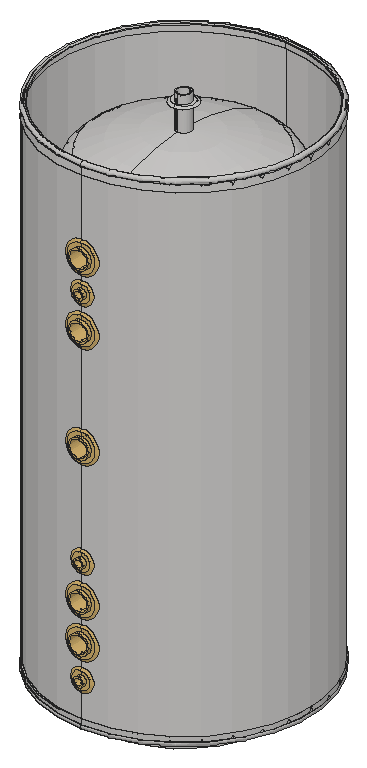
Revit family "HVAC_Boilers_Enertech_CTC-Accumulator-Tank_2-500", category Specialty Equipment, Revit 2018
Family settings
  Round Connector Dimension = Use Diameter
  Part Type = Normal
  OmniClass Number = 23.75.00.00
  OmniClass Title = Climate Control (HVAC)
  Work Plane-Based = No
  Always vertical = No
  Cut with Voids When Loaded = No
  Shared = No
  Room Calculation Point = No
Parameters (values of type "CTC Ackumulatortank 2 500")
  Weight = "118 kg"
  WaterVolumeWaterSuply = "N/A"
  WaterVolumeHeathingSystem = "503 l"
  WarrantyStartDate [instance] = "n/a"
  WarrantyGuarantorParts = "n/a"
  WarrantyGuarantorLabor = "n/a"
  WarrantyDurationUnit = "Year"
  WarrantyDurationParts = "n/a"
  WarrantyDurationLabor = "n/a"
  WarrantyDescription = "n/a"
  VersionDate = "24/08/2021"  # constant formula
  Version = "1"  # constant formula
  UsageCurrent = 0 A
  Uniclass2015Reference = "Pr_40_70_65"
  Uniclass2015Description = "Preparation catering equipment"
  Uniclass2 = "Pr_40_70_65"
  URL = "https://ctc-heating.com/products/accumulator-tanks"
  UNSPSCCode = "24111810"
  Type Comments = ""
  Touchscreen = "no"
  TagNumber [instance] = "n/a"
  SustainabilityPerformance = "n/a"
  Status = "n/a"
  Standby heat loss, Storage tank = "104 W"
  SpecifiedOutput = "N/A"
  SoundPowerLWA = "N/A"
  Sound pressureLPA 5m = "N/A"
  Sound pressureLPA 1m = "N/A"
  Sound pressureLPA 10m = "N/A"
  Size = "Ø840x1780 mm"
  Shape = "Round"
  SerialNumber [instance] = "7241 xxxx xxxx"
  SEERWarm = "N/A"
  SEERModerate = "N/A"
  SEERCold = "N/A"
  SCOPWarm = "N/A"
  SCOPModerate = "N/A"
  SCOPCold = "N/A"
  Revision = "n/a"  # constant formula
  ReplacementCost = "n/a"
  RefrigerantType = "N/A"
  RefrigerantQuantity = "N/A"
  ReferenceAirFlowRate = "N/A"
  Reference = "n/a"
  RatedVoltage = 0 V
  RatedHeatOutputModerate = "N/A"
  RatedCurrent = 0 A
  PumpMainMaterial = Stainless Steel
  ProductInformation = "CTC Hot water storage tanks is a series of  coil/storage tanks suitable for DHW-preparation and hot water storage, availiable in two models and five sizes. CTC Hot Water Storage Tank 1:  coil tanks for efficient DHW heating. CTC Hot Water Storage Tank 2: volume tanks for hot water storage."
  Product data url = ""
  PowerFactor = 0 W
  PhaseReference = "n/a"
  PhaseAngle = 0.00°
  OutputRangeIimmersionHeater = "N/A"
  OutputRange = "N/A"
  NumberOfPoles = 1
  NominalWidth = 840 mm
  NominalVoltage = 0 V
  NominalHeight = 1780 mm
  NominalFrequencyRange = 0 Hz
  NominalDepth = 840 mm
  NominalCurrent = 0 A
  Name = "CTC-Accumulator-Tank_2-500"  # constant formula
  NBSReference = "90-40-40/320"
  NBSDescription = "Air to water heat pumps"
  ModelReference = "n/a"
  ModelNumber = "589903001"
  MinimumCeilingHeight = "1890 mm"
  MaxStartingCurrent = "N/A"
  MaxOperatingTemperature = "100 °C"
  MaxOperatingPressureThermalStore = "6 bar"
  MaxOperatingPressureHotWater = "N/A"
  MaxAirFlowRate = "N/A"
  Material = "Steel"
  ManufacturerURL = "https://ctc.se/"
  ManufacturerName = "Enertech AB"
  Model = "CTC Ackumulatortank 2 500"
  ManufacturerCountry = "Sweden"
  Manufacturer = "Enertech AB"
  InsulationStandardClass = "n/a"
  InstallationDate [instance] = "n/a"
  InPutPower = "N/A"
  IfcExportType = "HEATER"  # constant formula
  IfcExportAs = "IfcElectricalDeviceCommon"  # constant formula
  IP_Code = "N/A"
  HotTapWaterPerformance = "N/A"
  HasProtectiveEarth = yes
  GroupFuse = "N/A"
  Grade = "n/a"
  Finish = "n/a"
  Features = "n/a"
  ExpectedLife = "n/a"
  EnergyClassHeatingWithoutControl = "N/A"
  EnergyClassHeatingWithControl = "N/A"
  ElectricalDeviceNominalPower = 0 W
  EANNumber = "7333077097622"
  DurationUnit = "Year"
  Description = "CTC Hot water storage tanks is a series of  coil/storage tanks suitable for DHW-preparation and hot water storage, availiable in two models and five sizes. CTC Hot Water Storage Tank 1:  coil tanks for efficient DHW heating. CTC Hot Water Storage Tank 2: volume tanks for hot water storage."
  Cost = 0
  Constituents = "n/a"
  ConductorFunction = "n/a"
  Color = "Grey"
  CodePerformance = "n/a"
  Capacity = "N/A"
  COP = "N/A"
  CO2Equivalent = "N/A"
  BrineSystem_Min_MaxPressure = "N/A"
  Barcode [instance] = "n/a"
  AssetIdentifier [instance] = "n/a"
  Category = "Storage tank, hot water"
  Brand = "CTC"
  BIMObjectName = "HVAC_Boilers_Enertech_CTC-Accumulator-Tank_2-500"  # constant formula
  Author = "BIMStone"  # constant formula
  AssetType = "Fixed"
  Artikel nr. = ""
  AirFlow = "N/A"
  Accessories = ""
  AccessibilityPerformance = "n/a"
Reference planes
  plane 1 "Center (Front/Back)": y = 0
  plane 2: z = 0
  plane 3 "Center (Left/Right)": x = 0
  plane 4: z = 1780
  plane 5: y = 420
  plane 6: y = -420
  plane 7: x = -420
  plane 8: x = 420
Dimensions and locks
  "NominalHeight": plane 4 to level
  equal spacing: plane 5, plane 1 "Center (Front/Back)", plane 6
  "NominalDepth": plane 5 to plane 6
  equal spacing: plane 7, plane 3 "Center (Left/Right)", plane 8
  "NominalWidth": plane 7 to plane 8
  aligned and locked: level to plane 2
Nested families
  nested 1: "Accumulator-Tank_2-500" at (0, 0, 0), Body <- "PumpMainMaterial", type "Accumulator-Tank_2-500"
    with Pipes Brass, Body Stainless Steel
Definition of nested family "Accumulator-Tank_2-500"
  Parameters (values of type "Accumulator-Tank_2-500")
    Pipes [instance] = none
    Body [instance] = none
  Reference planes
    plane 1 "Center (Front/Back)": y = 0
    plane 2: z = 0
    plane 3 "Center (Left/Right)": x = 0
    plane 4: x = -423.349
    plane 5: y = 423.349
    plane 6: y = -423.349
    plane 7: x = 423.349
  Forms (mm)
    Revolve 1, solid, material <- "Body", detail levels medium+fine
      sketch origin (0, 0, 0) x (0, 1, 0) y (0, 0, 1)
        loop
          line (423.349, 1710.261) -> (421.502, 1733.869)
          arc (421.502, 1733.869) -> (421.592, 1734.638) -> (421.968, 1735.314) r 1.996
          arc (421.968, 1735.314) -> (422.358, 1744.96) -> (413.103, 1747.707) r 7.859
          arc (413.103, 1747.707) -> (410.997, 1746.218) -> (409.827, 1743.918) r 5.371
          line (409.827, 1743.918) -> (415.045, 1743.918) -> (415.045, 1742.918) -> (409.045, 1742.918) -> (408.956, 1741.918) -> (416.456, 1741.918) -> (416.456, 1717.918) -> (417.75, 1717.918) -> (419, 1733.896) -> (420, 1733.896) -> (421.849, 1710.261) -> (423.349, 1710.261)
        loop
          line (416.456, 75.873) -> (408.956, 75.873) -> (409.045, 74.873) -> (415.045, 74.873) -> (415.045, 73.873) -> (409.827, 73.873)
          arc (409.827, 73.873) -> (410.997, 71.574) -> (413.103, 70.084) r 5.371
          arc (413.103, 70.084) -> (422.358, 72.832) -> (421.968, 82.478) r 7.859
          arc (421.968, 82.478) -> (421.592, 83.154) -> (421.502, 83.922) r 1.996
          line (421.502, 83.922) -> (422.75, 99.873) -> (421.25, 99.873) -> (420, 83.896) -> (419, 83.896) -> (417.75, 99.873) -> (416.456, 99.873) -> (416.456, 75.873)
        axis (0, 1747.707) -> (0, 70.084)
      angle from 0 to 360
    Revolve 2, solid, material <- "Body", detail levels medium+fine
      sketch origin (0, 0, 0) x (0, 1, 0) y (0, 0, 1)
        loop
          line (419.3, 83.896) -> (420.1, 83.896) -> (420.1, 1733.896) -> (419.3, 1733.896) -> (419.3, 83.896)
        axis (0, 83.896) -> (0, 1733.896)
      angle from 0 to 360
    Revolve 3, solid, material <- "Body", detail levels medium+fine
      sketch origin (0, 0, 0) x (0, 1, 0) y (0, 0, 1)
        loop
          line (-325, 1536.143) -> (-325, 154.143)
          arc (-325, 154.143) -> (-314.893, 118.46) -> (-287.575, 93.379) r 68.041
          arc (-287.575, 93.379) -> (-147.788, 42.844) -> (0, 26.937) r 621.684
          line (0, 26.937) -> (0, 29.937)
          arc (0, 29.937) -> (-147.094, 45.763) -> (-286.225, 96.058) r 618.684
          arc (-286.225, 96.058) -> (-312.339, 120.034) -> (-322, 154.143) r 65.041
          line (-322, 154.143) -> (-322, 1536.143)
          arc (-322, 1536.143) -> (-312.339, 1570.252) -> (-286.225, 1594.228) r 65.041
          arc (-286.225, 1594.228) -> (-156.576, 1642.253) -> (-19.5, 1660.288) r 618.684
          line (-19.5, 1660.288) -> (-19.5, 1773.618) -> (-23.5, 1773.618) -> (-23.5, 1747.618) -> (-35, 1747.618) -> (-43, 1743.618) -> (-23.5, 1743.618) -> (-23.5, 1663.201)
          arc (-23.5, 1663.201) -> (-159.211, 1644.688) -> (-287.575, 1596.907) r 621.684
          arc (-287.575, 1596.907) -> (-314.893, 1571.825) -> (-325, 1536.143) r 68.041
        axis (0, 26.937) -> (0, 1773.618)
      angle from 0 to 360
    Revolve 4, solid, material <- "Body", detail levels medium+fine
      sketch origin (0, 0, 0) x (0, 1, 0) y (0, 0, 1)
        loop
          line (-307, 105) -> (-307, 0) -> (-304, 0) -> (-304, 105) -> (-307, 105)
        axis (0, 0) -> (0, 105)
      angle from 0 to 360
    Extrusion 5, void
      sketch origin (0, 0, 0) x (1, 0, 0) y (0, 0, 1)
        loop
          circle (0, 1465.146) r 29
        loop
          circle (0, 1360.146) r 13
        loop
          circle (0, 1250.143) r 29
        loop
          circle (0, 905.146) r 29
        loop
          circle (0, 450.146) r 29
        loop
          circle (0, 325.146) r 29
        loop
          circle (0, 565.146) r 13
        loop
          circle (0, 215.146) r 13
      from 320 to 456.742
    Revolve 6, solid, material <- "Pipes", detail levels medium+fine
      sketch origin (0, 0, 0) x (0, 1, 0) y (0, 0, 1)
        loop
          line (-320, 357.643) -> (-420, 357.643) -> (-420, 379.146) -> (-424, 371.146) -> (-424, 357.643) -> (-435, 357.643) -> (-435, 353.143) -> (-320, 353.143) -> (-320, 357.643)
        axis (-320, 325.143) -> (-435, 325.143)
      angle from 0 to 360
    Revolve 7, solid, material <- "Pipes", detail levels medium+fine
      sketch origin (0, 0, 125) x (0, 1, 0) y (0, 0, 1)
        loop
          line (-320, 357.643) -> (-420, 357.643) -> (-420, 379.146) -> (-424, 371.146) -> (-424, 357.643) -> (-435, 357.643) -> (-435, 353.143) -> (-320, 353.143) -> (-320, 357.643)
        axis (-320, 325.143) -> (-435, 325.143)
      angle from 0 to 360
    Revolve 8, solid, material <- "Pipes", detail levels medium+fine
      sketch origin (0, 0, 580) x (0, 1, 0) y (0, 0, 1)
        loop
          line (-320, 357.643) -> (-420, 357.643) -> (-420, 379.146) -> (-424, 371.146) -> (-424, 357.643) -> (-435, 357.643) -> (-435, 353.143) -> (-320, 353.143) -> (-320, 357.643)
        axis (-320, 325.143) -> (-435, 325.143)
      angle from 0 to 360
    Revolve 9, solid, material <- "Pipes", detail levels medium+fine
      sketch origin (0, 0, 925) x (0, 1, 0) y (0, 0, 1)
        loop
          line (-320, 357.643) -> (-420, 357.643) -> (-420, 379.146) -> (-424, 371.146) -> (-424, 357.643) -> (-435, 357.643) -> (-435, 353.143) -> (-320, 353.143) -> (-320, 357.643)
        axis (-320, 325.143) -> (-435, 325.143)
      angle from 0 to 360
    Revolve 10, solid, material <- "Pipes", detail levels medium+fine
      sketch origin (0, 0, 1035) x (0, 1, 0) y (0, 0, 1)
        loop
          line (-320, 341.142) -> (-420, 341.142) -> (-420, 362.645) -> (-424, 354.645) -> (-424, 341.142) -> (-435, 341.142) -> (-435, 336.642) -> (-320, 336.642) -> (-320, 341.142)
        axis (-320, 325.143) -> (-435, 325.143)
      angle from 0 to 360
    Revolve 11, solid, material <- "Pipes", detail levels medium+fine
      sketch origin (0, 0, 240) x (0, 1, 0) y (0, 0, 1)
        loop
          line (-320, 341.142) -> (-420, 341.142) -> (-420, 362.645) -> (-424, 354.645) -> (-424, 341.142) -> (-435, 341.142) -> (-435, 336.642) -> (-320, 336.642) -> (-320, 341.142)
        axis (-320, 325.143) -> (-435, 325.143)
      angle from 0 to 360
    Revolve 12, solid, material <- "Pipes", detail levels medium+fine
      sketch origin (0, 0, -110) x (0, 1, 0) y (0, 0, 1)
        loop
          line (-320, 341.142) -> (-420, 341.142) -> (-420, 362.645) -> (-424, 354.645) -> (-424, 341.142) -> (-435, 341.142) -> (-435, 336.642) -> (-320, 336.642) -> (-320, 341.142)
        axis (-320, 325.143) -> (-435, 325.143)
      angle from 0 to 360
    Revolve 13, solid, material <- "Pipes", detail levels medium+fine
      sketch origin (0, 0, 1140) x (0, 1, 0) y (0, 0, 1)
        loop
          line (-320, 357.643) -> (-420, 357.643) -> (-420, 379.146) -> (-424, 371.146) -> (-424, 357.643) -> (-435, 357.643) -> (-435, 353.143) -> (-320, 353.143) -> (-320, 357.643)
        axis (-320, 325.143) -> (-435, 325.143)
      angle from 0 to 360
    Extrusion 14, solid, material <- "Body", detail levels coarse
      sketch origin (0, 0, 0) x (1, 0, 0) y (0, 1, 0)
        loop
          line (-423.349, 423.349) -> (-423.349, -423.349) -> (423.349, -423.349) -> (423.349, 423.349) -> (-423.349, 423.349)
      from 0 to 1748.247
  Cuts and joins
    Extrusion 5 cuts Revolve 2
    Extrusion 5 cuts Revolve 3
  Lines and regions (mm)
    symbolic lines, detail levels medium+fine
      curve 1: arc (0, 415.966, 69.545) -> (0, 423.095, 74.095) -> (0, 421.968, 82.478) r 7.859
      curve 2: line (0, 421.502, 83.922) -> (0, 422.75, 99.873)
      curve 3: line (0, 422.75, 99.873) -> (0, 420.1, 99.873)
      curve 4: line (0, 420.1, 99.873) -> (0, 420.1, 1710.261)
      curve 5: arc (0, 421.968, 1735.314) -> (0, 423.095, 1743.696) -> (0, 415.966, 1748.247) r 7.859
      curve 6: line (0, 420.1, 1710.261) -> (0, 423.349, 1710.261)
      curve 7: line (0, 423.349, 1710.261) -> (0, 421.502, 1733.869)
      curve 8: arc (0, 421.502, 1733.869) -> (0, 421.592, 1734.638) -> (0, 421.968, 1735.314) r 1.996
      curve 11: line (0, 23.5, 1773.618) -> (0, 23.5, 1748.247)
      curve 12: line (0, 23.5, 1773.618) -> (0, -23.5, 1773.618)
      curve 13: line (0, 415.966, 69.545) -> (0, 307, 69.545)
      curve 14: line (0, 307, 0) -> (0, 307, 69.545)
      curve 15: line (0, 307, 0) -> (0, -307, 0)
      curve 19: arc (0, 421.968, 82.478) -> (0, 421.592, 83.154) -> (0, 421.502, 83.922) r 1.996
      curve 21: arc (0, -415.966, 69.545) -> (0, -423.095, 74.095) -> (0, -421.968, 82.478) r 7.859
      curve 22: line (0, -421.502, 83.922) -> (0, -422.75, 99.873)
      curve 23: line (0, -422.75, 99.873) -> (0, -420.1, 99.873)
      curve 24: line (0, -420.1, 252.445) -> (0, -420.1, 271.34)
      curve 25: arc (0, -421.968, 1735.314) -> (0, -423.095, 1743.696) -> (0, -415.966, 1748.247) r 7.859
      curve 26: line (0, -420.1, 1710.261) -> (0, -423.349, 1710.261)
      curve 27: line (0, -423.349, 1710.261) -> (0, -421.502, 1733.869)
      curve 28: arc (0, -421.502, 1733.869) -> (0, -421.592, 1734.638) -> (0, -421.968, 1735.314) r 1.996
      curve 29: line (0, -23.5, 1748.247) -> (0, -415.966, 1748.247)
      curve 31: line (0, -23.5, 1773.618) -> (0, -23.5, 1748.247)
      curve 32: line (0, -415.966, 69.545) -> (0, -307, 69.545)
      curve 33: line (0, -307, 0) -> (0, -307, 69.545)
      curve 37: arc (0, -421.968, 82.478) -> (0, -421.592, 83.154) -> (0, -421.502, 83.922) r 1.996
      curve 39: line (0, 23.5, 1748.247) -> (0, 415.966, 1748.247)
      curve 40: line (0, -424, 1389.645) -> (0, -424, 1376.142)
      curve 41: line (0, -435, 1376.142) -> (0, -435, 1344.143)
      curve 42: line (0, -435, 1376.142) -> (0, -424, 1376.142)
      curve 43: line (0, -424, 1389.645) -> (0, -420.1, 1397.445)
      curve 44: line (0, -424, 1330.64) -> (0, -420.1, 1322.84)
      curve 45: line (0, -435, 1344.143) -> (0, -424, 1344.143)
      curve 47: line (0, -420.1, 1518.946) -> (0, -420.1, 1710.261)
      curve 48: line (0, -424, 1296.146) -> (0, -424, 1282.643)
      curve 49: line (0, -435, 1282.643) -> (0, -435, 1217.643)
      curve 50: line (0, -424, 1296.146) -> (0, -420.1, 1303.946)
      curve 51: line (0, -424, 1204.14) -> (0, -420.1, 1196.34)
      curve 52: line (0, -435, 1217.643) -> (0, -424, 1217.643)
      curve 53: line (0, -435, 1282.643) -> (0, -424, 1282.643)
      curve 55: line (0, -424, 1217.643) -> (0, -424, 1204.14)
      curve 57: line (0, -420.1, 1303.946) -> (0, -420.1, 1322.84)
      curve 59: line (0, -424, 1344.143) -> (0, -424, 1330.64)
      curve 60: line (0, -424, 951.146) -> (0, -424, 937.643)
      curve 61: line (0, -435, 937.643) -> (0, -435, 872.643)
      curve 62: line (0, -424, 951.146) -> (0, -420.1, 958.946)
      curve 63: line (0, -424, 859.14) -> (0, -420.1, 851.34)
      curve 64: line (0, -435, 872.643) -> (0, -424, 872.643)
      curve 65: line (0, -435, 937.643) -> (0, -424, 937.643)
      curve 67: line (0, -424, 872.643) -> (0, -424, 859.14)
      curve 69: line (0, -424, 496.146) -> (0, -424, 482.643)
      curve 70: line (0, -435, 482.643) -> (0, -435, 417.643)
      curve 71: line (0, -424, 496.146) -> (0, -420.1, 503.946)
      curve 72: line (0, -424, 404.14) -> (0, -420.1, 396.34)
      curve 73: line (0, -435, 417.643) -> (0, -424, 417.643)
      curve 74: line (0, -435, 482.643) -> (0, -424, 482.643)
      curve 76: line (0, -424, 417.643) -> (0, -424, 404.14)
      curve 78: line (0, -424, 371.146) -> (0, -424, 357.643)
      curve 79: line (0, -435, 357.643) -> (0, -435, 292.643)
      curve 80: line (0, -424, 371.146) -> (0, -420.1, 378.946)
      curve 81: line (0, -424, 279.14) -> (0, -420.1, 271.34)
      curve 82: line (0, -435, 292.643) -> (0, -424, 292.643)
      curve 83: line (0, -435, 357.643) -> (0, -424, 357.643)
      curve 85: line (0, -424, 292.643) -> (0, -424, 279.14)
      curve 87: line (0, -424, 594.645) -> (0, -424, 581.142)
      curve 88: line (0, -435, 581.142) -> (0, -435, 549.143)
      curve 89: line (0, -435, 581.142) -> (0, -424, 581.142)
      curve 90: line (0, -424, 594.645) -> (0, -420.1, 602.445)
      curve 91: line (0, -424, 535.64) -> (0, -420.1, 527.84)
      curve 92: line (0, -435, 549.143) -> (0, -424, 549.143)
      curve 95: line (0, -424, 549.143) -> (0, -424, 535.64)
      curve 96: line (0, -420.1, 378.946) -> (0, -420.1, 396.34)
      curve 97: line (0, -420.1, 503.946) -> (0, -420.1, 527.84)
      curve 98: line (0, -420.1, 602.445) -> (0, -420.1, 851.34)
      curve 99: line (0, -420.1, 958.946) -> (0, -420.1, 1196.34)
      curve 100: arc (-415.966, 0, 1748.247) -> (-423.095, 0, 1743.696) -> (-421.968, 0, 1735.314) r 7.859
      curve 101: arc (-421.968, 0, 1735.314) -> (-421.592, 0, 1734.638) -> (-421.502, 0, 1733.869) r 1.996
      curve 102: line (-421.502, 0, 1733.869) -> (-423.349, 0, 1710.261)
      curve 103: line (-423.349, 0, 1710.261) -> (-420.1, 0, 1710.261)
      curve 104: line (-415.966, 0, 1748.247) -> (-23.5, 0, 1748.247)
      curve 105: line (-420.1, 0, 1710.261) -> (-420.1, 0, 99.873)
      curve 106: arc (-421.968, 0, 82.478) -> (-423.095, 0, 74.095) -> (-415.966, 0, 69.545) r 7.859
      curve 107: line (-420.1, 0, 99.873) -> (-422.75, 0, 99.873)
      curve 108: line (-422.75, 0, 99.873) -> (-421.502, 0, 83.922)
      curve 109: arc (-421.502, 0, 83.922) -> (-421.592, 0, 83.154) -> (-421.968, 0, 82.478) r 1.996
      curve 110: line (-415.966, 0, 69.545) -> (-307, 0, 69.545)
      curve 111: line (-307, 0, 0) -> (-307, 0, 69.545)
      curve 112: arc (415.966, 0, 1748.247) -> (423.095, 0, 1743.696) -> (421.968, 0, 1735.314) r 7.859
      curve 113: arc (421.968, 0, 1735.314) -> (421.592, 0, 1734.638) -> (421.502, 0, 1733.869) r 1.996
      curve 114: line (421.502, 0, 1733.869) -> (423.349, 0, 1710.261)
      curve 115: line (423.349, 0, 1710.261) -> (420.1, 0, 1710.261)
      curve 116: line (420.1, 0, 1710.261) -> (420.1, 0, 99.873)
      curve 117: arc (421.968, 0, 82.478) -> (423.095, 0, 74.095) -> (415.966, 0, 69.545) r 7.859
      curve 118: line (420.1, 0, 99.873) -> (422.75, 0, 99.873)
      curve 119: line (422.75, 0, 99.873) -> (421.502, 0, 83.922)
      curve 120: arc (421.502, 0, 83.922) -> (421.592, 0, 83.154) -> (421.968, 0, 82.478) r 1.996
      curve 121: line (-23.5, 0, 1773.618) -> (-23.5, 0, 1748.247)
      curve 122: line (-23.5, 0, 1773.618) -> (23.5, 0, 1773.618)
      curve 123: line (23.5, 0, 1773.618) -> (23.5, 0, 1748.247)
      curve 124: line (415.966, 0, 1748.247) -> (23.5, 0, 1748.247)
      curve 130: line (415.966, 0, 69.545) -> (307, 0, 69.545)
      curve 131: line (307, 0, 0) -> (307, 0, 69.545)
      curve 132: line (-307, 0, 0) -> (307, 0, 0)
      curve 228: line (-32.5, -435, 0) -> (32.5, -435, 0)
      curve 229: line (-32.5, -435, 0) -> (-32.5, -424, 0)
      curve 230: line (-32.5, -424, 0) -> (-46.003, -424, 0)
      curve 231: line (-46.003, -424, 0) -> (-54.298, -419.853, 0)
      curve 232: line (32.5, -435, 0) -> (32.5, -424, 0)
      curve 233: line (32.5, -424, 0) -> (46.003, -424, 0)
      curve 234: line (46.003, -424, 0) -> (54.298, -419.853, 0)
      curve 237: arc (54.298, -419.853, 0) -> (0, 423.349, 0) -> (-54.298, -419.853, 0) r 423.349
      curve 238: line (0, -424, 1511.146) -> (0, -424, 1497.643)
      curve 239: line (0, -435, 1497.643) -> (0, -435, 1432.643)
      curve 240: line (0, -424, 1511.146) -> (0, -420.1, 1518.946)
      curve 241: line (0, -424, 1419.14) -> (0, -420.1, 1411.34)
      curve 242: line (0, -435, 1432.643) -> (0, -424, 1432.643)
      curve 243: line (0, -435, 1497.643) -> (0, -424, 1497.643)
      curve 245: line (0, -424, 1432.643) -> (0, -424, 1419.14)
      curve 246: line (0, -420.1, 1411.34) -> (0, -420.1, 1397.445)
      curve 247: line (0, -420.1, 1518.946) -> (0, -420.1, 1537.84)
      curve 249: line (0, -424, 244.645) -> (0, -424, 231.142)
      curve 250: line (0, -435, 231.142) -> (0, -435, 199.143)
      curve 251: line (0, -435, 231.142) -> (0, -424, 231.142)
      curve 252: line (0, -424, 244.645) -> (0, -420.1, 252.445)
      curve 253: line (0, -424, 185.64) -> (0, -420.1, 177.84)
      curve 254: line (0, -435, 199.143) -> (0, -424, 199.143)
      curve 257: line (0, -424, 199.143) -> (0, -424, 185.64)
      curve 258: line (0, -420.1, 99.873) -> (0, -420.1, 177.84)
    symbolic lines, detail levels fine
      curve 9: line (0, -23.5, 1748.247) -> (0, 23.5, 1748.247)
      curve 10: line (0, 420.1, 1710.261) -> (0, 0, 1710.261)
      curve 16: line (0, 307, 69.545) -> (0, 0, 69.545)
      curve 17: line (0, 420.1, 99.873) -> (0, 0, 99.873)
      curve 18: line (0, 421.502, 1733.869) -> (0, 0, 1733.869)
      curve 20: line (0, 421.502, 83.922) -> (0, 0, 83.922)
      curve 30: line (0, -420.1, 1710.261) -> (0, 0, 1710.261)
      curve 34: line (0, -307, 69.545) -> (0, 0, 69.545)
      curve 35: line (0, -420.1, 99.873) -> (0, 0, 99.873)
      curve 36: line (0, -421.502, 1733.869) -> (0, 0, 1733.869)
      curve 38: line (0, -421.502, 83.922) -> (0, 0, 83.922)
      curve 46: line (0, -420.1, 1322.84) -> (0, -420.1, 1397.445)
      curve 54: line (0, -424, 1282.643) -> (0, -424, 1217.643)
      curve 56: line (0, -420.1, 1196.34) -> (0, -420.1, 1303.946)
      curve 58: line (0, -424, 1376.142) -> (0, -424, 1344.143)
      curve 66: line (0, -424, 937.643) -> (0, -424, 872.643)
      curve 68: line (0, -420.1, 851.34) -> (0, -420.1, 958.946)
      curve 75: line (0, -424, 482.643) -> (0, -424, 417.643)
      curve 77: line (0, -420.1, 396.34) -> (0, -420.1, 503.946)
      curve 84: line (0, -424, 357.643) -> (0, -424, 292.643)
      curve 86: line (0, -420.1, 271.34) -> (0, -420.1, 378.946)
      curve 93: line (0, -420.1, 527.84) -> (0, -420.1, 602.445)
      curve 94: line (0, -424, 581.142) -> (0, -424, 549.143)
      curve 125: line (-23.5, 0, 1748.247) -> (23.5, 0, 1748.247)
      curve 126: line (-420.1, 0, 1710.261) -> (420.1, 0, 1710.261)
      curve 127: line (-421.502, 0, 1733.869) -> (421.502, 0, 1733.869)
      curve 128: line (-421.502, 0, 83.922) -> (421.502, 0, 83.922)
      curve 129: line (420.1, 0, 99.873) -> (-420.1, 0, 99.873)
      curve 133: line (307, 0, 69.545) -> (-307, 0, 69.545)
      curve 134: arc (-190.526, 0, 211.892) -> (-207.276, 0, 195.143) -> (-190.526, 0, 178.393) r 16.75
      curve 135: arc (-190.526, 0, 204.643) -> (-200.026, 0, 195.143) -> (-190.526, 0, 185.643) r 9.5
      curve 136: arc (-190.526, 0, 185.643) -> (-181.026, 0, 195.143) -> (-190.526, 0, 204.643) r 9.5
      curve 137: arc (-190.526, 0, 178.393) -> (-173.777, 0, 195.143) -> (-190.526, 0, 211.892) r 16.75
      curve 138: arc (-100.15, 0, 211.892) -> (-116.9, 0, 195.143) -> (-100.15, 0, 178.393) r 16.75
      curve 139: arc (-100.15, 0, 178.393) -> (-83.401, 0, 195.143) -> (-100.15, 0, 211.892) r 16.75
      curve 140: arc (-100.15, 0, 206.143) -> (-111.15, 0, 195.143) -> (-100.15, 0, 184.143) r 11
      curve 141: arc (-100.15, 0, 204.643) -> (-109.65, 0, 195.143) -> (-100.15, 0, 185.643) r 9.5
      curve 142: arc (-100.15, 0, 184.143) -> (-89.15, 0, 195.143) -> (-100.15, 0, 206.143) r 11
      curve 143: arc (-100.15, 0, 185.643) -> (-90.65, 0, 195.143) -> (-100.15, 0, 204.643) r 9.5
      curve 144: arc (-190.526, 0, 206.143) -> (-201.526, 0, 195.143) -> (-190.526, 0, 184.143) r 11
      curve 145: arc (-190.526, 0, 184.143) -> (-179.526, 0, 195.143) -> (-190.526, 0, 206.143) r 11
      curve 146: arc (0, 0, 177.64) -> (-37.503, 0, 215.143) -> (0, 0, 252.645) r 37.503
      curve 147: arc (0, 0, 252.645) -> (37.503, 0, 215.143) -> (0, 0, 177.64) r 37.503
      curve 148: arc (0, 0, 185.64) -> (-29.503, 0, 215.143) -> (0, 0, 244.645) r 29.503
      curve 149: arc (0, 0, 244.645) -> (29.503, 0, 215.143) -> (0, 0, 185.64) r 29.503
      curve 150: arc (0, 0, 231.142) -> (-16, 0, 215.143) -> (0, 0, 199.143) r 16
      curve 151: arc (0, 0, 226.642) -> (-11.5, 0, 215.143) -> (0, 0, 203.643) r 11.5
      curve 152: arc (0, 0, 199.143) -> (16, 0, 215.143) -> (0, 0, 231.142) r 16
      curve 153: arc (0, 0, 203.643) -> (11.5, 0, 215.143) -> (0, 0, 226.642) r 11.5
      curve 154: arc (0, 0, 271.14) -> (-54.003, 0, 325.143) -> (0, 0, 379.146) r 54.003
      curve 155: arc (0, 0, 279.14) -> (-46.003, 0, 325.143) -> (0, 0, 371.146) r 46.003
      curve 156: arc (0, 0, 357.643) -> (-32.5, 0, 325.143) -> (0, 0, 292.643) r 32.5
      curve 157: arc (0, 0, 353.143) -> (-28, 0, 325.143) -> (0, 0, 297.143) r 28
      curve 158: arc (0, 0, 297.143) -> (28, 0, 325.143) -> (0, 0, 353.143) r 28
      curve 159: arc (0, 0, 292.643) -> (32.5, 0, 325.143) -> (0, 0, 357.643) r 32.5
      curve 160: arc (0, 0, 371.146) -> (46.003, 0, 325.143) -> (0, 0, 279.14) r 46.003
      curve 161: arc (0, 0, 379.146) -> (54.003, 0, 325.143) -> (0, 0, 271.14) r 54.003
      curve 162: arc (0, 0, 396.14) -> (-54.003, 0, 450.143) -> (0, 0, 504.146) r 54.003
      curve 163: arc (0, 0, 404.14) -> (-46.003, 0, 450.143) -> (0, 0, 496.146) r 46.003
      curve 164: arc (0, 0, 482.643) -> (-32.5, 0, 450.143) -> (0, 0, 417.643) r 32.5
      curve 165: arc (0, 0, 478.143) -> (-28, 0, 450.143) -> (0, 0, 422.143) r 28
      curve 166: arc (0, 0, 422.143) -> (28, 0, 450.143) -> (0, 0, 478.143) r 28
      curve 167: arc (0, 0, 417.643) -> (32.5, 0, 450.143) -> (0, 0, 482.643) r 32.5
      curve 168: arc (0, 0, 496.146) -> (46.003, 0, 450.143) -> (0, 0, 404.14) r 46.003
      curve 169: arc (0, 0, 504.146) -> (54.003, 0, 450.143) -> (0, 0, 396.14) r 54.003
      curve 170: arc (0, 0, 851.14) -> (-54.003, 0, 905.143) -> (0, 0, 959.146) r 54.003
      curve 171: arc (0, 0, 859.14) -> (-46.003, 0, 905.143) -> (0, 0, 951.146) r 46.003
      curve 172: arc (0, 0, 937.643) -> (-32.5, 0, 905.143) -> (0, 0, 872.643) r 32.5
      curve 173: arc (0, 0, 933.143) -> (-28, 0, 905.143) -> (0, 0, 877.143) r 28
      curve 174: arc (0, 0, 877.143) -> (28, 0, 905.143) -> (0, 0, 933.143) r 28
      curve 175: arc (0, 0, 872.643) -> (32.5, 0, 905.143) -> (0, 0, 937.643) r 32.5
      curve 176: arc (0, 0, 951.146) -> (46.003, 0, 905.143) -> (0, 0, 859.14) r 46.003
      curve 177: arc (0, 0, 959.146) -> (54.003, 0, 905.143) -> (0, 0, 851.14) r 54.003
      curve 178: arc (0, 0, 1196.14) -> (-54.003, 0, 1250.143) -> (0, 0, 1304.146) r 54.003
      curve 179: arc (0, 0, 1204.14) -> (-46.003, 0, 1250.143) -> (0, 0, 1296.146) r 46.003
      curve 180: arc (0, 0, 1282.643) -> (-32.5, 0, 1250.143) -> (0, 0, 1217.643) r 32.5
      curve 181: arc (0, 0, 1278.143) -> (-28, 0, 1250.143) -> (0, 0, 1222.143) r 28
      curve 182: arc (0, 0, 1222.143) -> (28, 0, 1250.143) -> (0, 0, 1278.143) r 28
      curve 183: arc (0, 0, 1217.643) -> (32.5, 0, 1250.143) -> (0, 0, 1282.643) r 32.5
      curve 184: arc (0, 0, 1296.146) -> (46.003, 0, 1250.143) -> (0, 0, 1204.14) r 46.003
      curve 185: arc (0, 0, 1304.146) -> (54.003, 0, 1250.143) -> (0, 0, 1196.14) r 54.003
      curve 186: arc (0, 0, 1411.14) -> (-54.003, 0, 1465.143) -> (0, 0, 1519.146) r 54.003
      curve 187: arc (0, 0, 1419.14) -> (-46.003, 0, 1465.143) -> (0, 0, 1511.146) r 46.003
      curve 188: arc (0, 0, 1497.643) -> (-32.5, 0, 1465.143) -> (0, 0, 1432.643) r 32.5
      curve 189: arc (0, 0, 1493.143) -> (-28, 0, 1465.143) -> (0, 0, 1437.143) r 28
      curve 190: arc (0, 0, 1437.143) -> (28, 0, 1465.143) -> (0, 0, 1493.143) r 28
      curve 191: arc (0, 0, 1432.643) -> (32.5, 0, 1465.143) -> (0, 0, 1497.643) r 32.5
      curve 192: arc (0, 0, 1511.146) -> (46.003, 0, 1465.143) -> (0, 0, 1419.14) r 46.003
      curve 193: arc (0, 0, 1519.146) -> (54.003, 0, 1465.143) -> (0, 0, 1411.14) r 54.003
      curve 194: arc (0, 0, 527.64) -> (-37.503, 0, 565.143) -> (0, 0, 602.645) r 37.503
      curve 195: arc (0, 0, 602.645) -> (37.503, 0, 565.143) -> (0, 0, 527.64) r 37.503
      curve 196: arc (0, 0, 535.64) -> (-29.503, 0, 565.143) -> (0, 0, 594.645) r 29.503
      curve 197: arc (0, 0, 594.645) -> (29.503, 0, 565.143) -> (0, 0, 535.64) r 29.503
      curve 198: arc (0, 0, 581.142) -> (-16, 0, 565.143) -> (0, 0, 549.143) r 16
      curve 199: arc (0, 0, 576.642) -> (-11.5, 0, 565.143) -> (0, 0, 553.643) r 11.5
      curve 200: arc (0, 0, 549.143) -> (16, 0, 565.143) -> (0, 0, 581.142) r 16
      curve 201: arc (0, 0, 553.643) -> (11.5, 0, 565.143) -> (0, 0, 576.642) r 11.5
      curve 202: arc (0, 0, 1322.64) -> (-37.503, 0, 1360.143) -> (0, 0, 1397.645) r 37.503
      curve 203: arc (0, 0, 1397.645) -> (37.503, 0, 1360.143) -> (0, 0, 1322.64) r 37.503
      curve 204: arc (0, 0, 1330.64) -> (-29.503, 0, 1360.143) -> (0, 0, 1389.645) r 29.503
      curve 205: arc (0, 0, 1389.645) -> (29.503, 0, 1360.143) -> (0, 0, 1330.64) r 29.503
      curve 206: arc (0, 0, 1376.142) -> (-16, 0, 1360.143) -> (0, 0, 1344.143) r 16
      curve 207: arc (0, 0, 1371.642) -> (-11.5, 0, 1360.143) -> (0, 0, 1348.643) r 11.5
      curve 208: arc (0, 0, 1344.143) -> (16, 0, 1360.143) -> (0, 0, 1376.142) r 16
      curve 209: arc (0, 0, 1348.643) -> (11.5, 0, 1360.143) -> (0, 0, 1371.642) r 11.5
      curve 210: arc (-190.526, 0, 1511.892) -> (-207.276, 0, 1495.143) -> (-190.526, 0, 1478.393) r 16.75
      curve 211: arc (-190.526, 0, 1504.643) -> (-200.026, 0, 1495.143) -> (-190.526, 0, 1485.643) r 9.5
      curve 212: arc (-190.526, 0, 1485.643) -> (-181.026, 0, 1495.143) -> (-190.526, 0, 1504.643) r 9.5
      curve 213: arc (-190.526, 0, 1478.393) -> (-173.777, 0, 1495.143) -> (-190.526, 0, 1511.892) r 16.75
      curve 214: arc (-100.15, 0, 1511.892) -> (-116.9, 0, 1495.143) -> (-100.15, 0, 1478.393) r 16.75
      curve 215: arc (-100.15, 0, 1478.393) -> (-83.401, 0, 1495.143) -> (-100.15, 0, 1511.892) r 16.75
      curve 216: arc (-100.15, 0, 1506.143) -> (-111.15, 0, 1495.143) -> (-100.15, 0, 1484.143) r 11
      curve 217: arc (-100.15, 0, 1504.643) -> (-109.65, 0, 1495.143) -> (-100.15, 0, 1485.643) r 9.5
      curve 218: arc (-100.15, 0, 1484.143) -> (-89.15, 0, 1495.143) -> (-100.15, 0, 1506.143) r 11
      curve 219: arc (-100.15, 0, 1485.643) -> (-90.65, 0, 1495.143) -> (-100.15, 0, 1504.643) r 9.5
      curve 220: arc (-190.526, 0, 1506.143) -> (-201.526, 0, 1495.143) -> (-190.526, 0, 1484.143) r 11
      curve 221: arc (-190.526, 0, 1484.143) -> (-179.526, 0, 1495.143) -> (-190.526, 0, 1506.143) r 11
      curve 222: circle (0, 0, 0) r 408.956 normal (0, 0, 1)
      curve 223: circle (0, 0, 0) r 325 normal (0, 0, 1)
      curve 224: circle (0, 0, 0) r 43 normal (0, 0, 1)
      curve 225: circle (0, 0, 0) r 35 normal (0, 0, 1)
      curve 226: circle (0, 0, 0) r 23.5 normal (0, 0, 1)
      curve 227: circle (0, 0, 0) r 19.5 normal (0, 0, 1)
      curve 235: line (-32.5, -424, 0) -> (32.5, -424, 0)
      curve 236: arc (-54.298, -419.853, 0) -> (0, -423.349, 0) -> (54.298, -419.853, 0) r 423.349
      curve 244: line (0, -424, 1497.643) -> (0, -424, 1432.643)
      curve 248: line (0, -420.1, 1411.34) -> (0, -420.1, 1518.946)
      curve 255: line (0, -420.1, 177.84) -> (0, -420.1, 252.445)
      curve 256: line (0, -424, 231.142) -> (0, -424, 199.143)
  Dimensions and locks
    aligned and locked: level to plane 2
